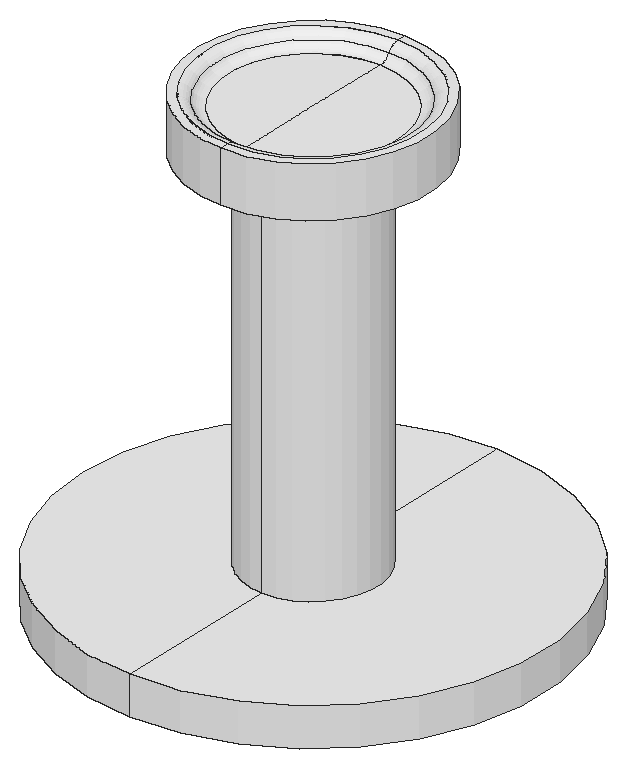
Revit family "Robe_Hook-DXV-Percy-D35105210_Series", category Specialty Equipment, host Face, Revit 2014
Parameters (values of type "D35105210.100")
  Width = 2 1/4"
  Warranty Information = "Lifetime Limited Warranty"
  URL = "http://www.dxv.com/"
  Type Comments = ""
  Product Page URL = "http://www.dxv.com/product/percy-robe-hook-by-dxv"
  Product Documentation Link = "http://dxv01.blob.core.windows.net/dxv-product-pdf-files/DXV_D35105210_Percy_robe_hook_spec_en.pdf"
  Price = "Prices may vary. Please consult Manufacturer Representative for most up-to-date price list."  # constant formula
  Model = "D35105210.100"
  Material = "Metal-DXV-100-Polished Chrome"
  Finish = Metal-DXV-100-Polished Chrome
  Manufacturer = "DXV"
  Length = 2 1/4"
  Installation Type = "Wall Mounted"
  Height = 2 1/4"
  Description = "PERCY Robe Hook"
  Default Elevation = 48"
  Creation Date = "10/02/2014"  # constant formula
  Assembly Code = "C1030220"
Types (3): name | Model | Material | Finish
  (no name) | "D35105210.100" | "Metal-DXV-100-Polished Chrome" | Metal-DXV-100-Polished Chrome
  D35105210.144 | "D35105210.144" | "Metal-DXV-144-Brushed Nickel" | Metal-DXV-144-Brushed Nickel
  D35105210.100 | "D35105210.100" | "Metal-DXV-100-Polished Chrome" | Metal-DXV-100-Polished Chrome
Reference planes (in)
  plane 1 "Center (Front/Back)": y = 0
  plane 2: z = 0
  plane 3 "Center (Left/Right)": x = 0
  plane 4 "Finished Floor": y = -48
  plane 5: z = 2.25
  plane 6: y = -1.125
  plane 7: y = 1.125
  plane 8: x = -1.125
  plane 9: x = 1.125
  plane 10: y = -0.5625
  plane 11: y = 0.5625
Forms (in)
  Revolve 1, solid, material "Metal-DXV-100-Polished Chrome" <- "Finish"
    sketch origin (0, 0, 1.125) x (0, 0, 1) y (0, 1, 0)
      loop
        line (1.0625, 0) -> (1.0625, 0.41328)
        arc (1.0625, 0.41328) -> (1.07087, 0.44453) -> (1.09375, 0.4674) r 0.0625
        arc (1.09375, 0.4674) -> (1.11663, 0.49028) -> (1.125, 0.52153) r 0.0625
        line (1.125, 0.52153) -> (1.125, 0.5625) -> (0.875, 0.5625) -> (0.875, 0.3125) -> (-0.9375, 0.3125) -> (-0.9375, 1.125) -> (-1.125, 1.125) -> (-1.125, 0) -> (1.0625, 0)
      axis (1.125, 0) -> (-1.125, 0)
    angle from 0 to 360
Lines and regions (in)
  Masking region 1
    outline origin (0, 0, 0) x (1, 0, 0) y (0, 0, 1)
      loop
        line (0, 2.25) -> (-0.5625, 2.25) -> (-0.5625, 2) -> (-0.3125, 2) -> (-0.3125, 0.1875) -> (-1.125, 0.1875) -> (-1.125, 0) -> (0, 0) -> (1.125, 0) -> (1.125, 0.1875) -> (0.3125, 0.1875) -> (0.3125, 2) -> (0.5625, 2) -> (0.5625, 2.25) -> (0, 2.25)
  symbolic lines, style "SpecialityEquipment", detail levels fine
    curve 1: line (-0.3125, 0, 0.1875) -> (0.3125, 0, 0.1875)
  symbolic lines, style "SpecialityEquipment", detail levels medium+fine
    curve 2: line (-0.3125, 0, 2) -> (0.3125, 0, 2)
Dimensions and locks (in)
  "Default Elevation": plane 4 "Finished Floor" to plane 1 "Center (Front/Back)"
  "Length": plane 5 to plane 2
  "Height": plane 7 to plane 6
  plane 11 to plane 10 = 1 1/8"
  aligned and locked: plane 2 to host face
  aligned and locked: level to host face
Automatic sketch dimensions
  host sketch curve to host sketch curve = 96"  (x2)
  Masking region 1 sketch curve to plane 3 "Center (Left/Right)" = 0"  (x2)
  Masking region 1 sketch curve to plane 5 = 0"
  plane 3 "Center (Left/Right)" to Masking region 1 sketch curve = 9/16"
  Masking region 1 sketch curve to plane 5 = 1/4"  (x2)
  Masking region 1 sketch curve to Masking region 1 sketch curve = 1/4"  (x2)
  level to Masking region 1 sketch curve = 3/16"
  plane 9 to Masking region 1 sketch curve = 0"
  Masking region 1 sketch curve to level = 0"
  Masking region 1 sketch curve to plane 8 = 0"
  Masking region 1 sketch curve to Masking region 1 sketch curve = 3/16"
  Masking region 1 sketch curve to plane 3 "Center (Left/Right)" = 5/16"
  Revolve 1 sketch curve to level = 0"
  Revolve 1 sketch curve to plane 7 = 0"
  Revolve 1 sketch curve to plane 1 "Center (Front/Back)" = 0"  (x2)
  Revolve 1 sketch curve to plane 11 = 0"
  Revolve 1 sketch curve to plane 5 = 0"  (x2)
  level to Revolve 1 sketch curve = 3/16"
  Revolve 1 sketch curve to Revolve 1 sketch curve = 0.86301"
  Revolve 1 sketch curve to Revolve 1 sketch curve = 0.52494"
  Revolve 1 sketch curve to plane 5 = 1/4"
  Revolve 1 sketch curve to Revolve 1 sketch curve = 1/16"  (x2)
  Revolve 1 sketch curve to plane 5 = 1/32"
  plane 11 to Revolve 1 sketch curve = 1/4"
  plane 11 to Revolve 1 sketch curve = 0.14922"
  curve 2 to plane 3 "Center (Left/Right)" = 5/16"
  level to curve 1 = 3/16"
  curve 1 to plane 3 "Center (Left/Right)" = 5/16"
  plane 3 "Center (Left/Right)" to curve 2 = 5/16"
  plane 3 "Center (Left/Right)" to curve 1 = 5/16"
  curve 2 to plane 5 = 1/4"
